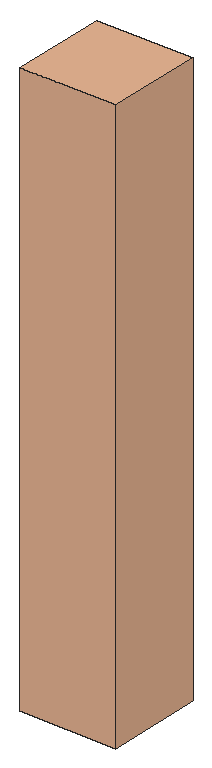
Revit family "EFWallStud", category Structural Columns, Revit 2020
Family settings
  Section Shape = Not Defined
  Material for Model Behavior = Other
  Always export as geometry = No
  Beam cutback in plan = From bounding box
  OmniClass Number = 23.25.30.11.14.11
  OmniClass Title = Columns
  Cut with Voids When Loaded = No
  Symbolic Representation = From Family
  Shared = No
  Show family pre-cut in plan views = Yes
Parameters
  b = 2' - 0"
  d = 2' - 0"
  ParentName = ""
  Height [instance] = 12' - 0"
Reference planes (in)
  plane 1 "Center (Front/Back)": y = 0
  plane 2: z = 0
  plane 3 "Center (Left/Right)": x = 0
  plane 4 "Left": x = -12
  plane 5 "Right": x = 12
  plane 6 "Back": y = 12
  plane 7 "Front": y = -12
Forms (in)
  Extrusion 1, solid, material "Wood"
    sketch origin (0, 0, 0) x (1, 0, 0) y (0, 1, 0)
      loop
        line (12, -12) -> (12, 12) -> (-12, 12) -> (-12, -12) -> (12, -12)
    from 0 to 144
Dimensions and locks (in)
  equal spacing: plane 4 "Left", plane 3 "Center (Left/Right)", plane 5 "Right"
  equal spacing: plane 7 "Front", plane 1 "Center (Front/Back)", plane 6 "Back"
  "d": plane 7 "Front" to plane 6 "Back"
  "b": plane 4 "Left" to plane 5 "Right"
  "Height": Extrusion 1 to Extrusion 1
  aligned and locked: level to plane 2
Automatic sketch dimensions
  Extrusion 1 sketch curve to plane 6 "Back" = 0' - 0"
  Extrusion 1 sketch curve to plane 5 "Right" = 0' - 0"
  plane 7 "Front" to Extrusion 1 sketch curve = 0' - 0"
  plane 4 "Left" to Extrusion 1 sketch curve = 0' - 0"
